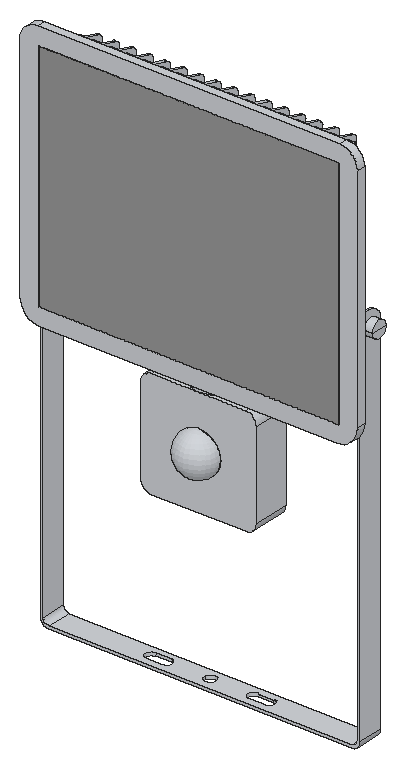
Revit family "START Flood Flat - 46W - PIR", category Lighting Fixtures, Revit 2017
Family settings
  Round Connector Dimension = Use Diameter
  Part Type = Normal
  OmniClass Number = 23.80.70.00
  OmniClass Title = Lighting
  Work Plane-Based = No
  Always vertical = Yes
  Cut with Voids When Loaded = No
  Light Source = Yes
  Shared = No
  Room Calculation Point = No
Parameters (values of type "0050141 ST FLD FLT IP54 PIR 4650LM 830 BK")
  Weight = "4.8 kg"
  Wattage = 46 W
  WarrantyStartDate [instance] = "n/a"
  WarrantyGuarantorParts = "n/a"
  WarrantyDurationUnit = "n/a"
  WarrantyDurationParts = "n/a"
  WarrantyDescription = "n/a"
  built-in parameter 1150110 = 1 (stored number, unit not read)
  Voltage = 0 V
  URL = "http://www.sylvania-lighting.com"
  TypeName = "Start Flood Flat IP54 PIR 4650LM 830 Black"
  built-in parameter 1114217 = 1 (stored number, unit not read)
  Tilt Angle = 0.00°
  built-in parameter 1150109 = 1 (stored number, unit not read)
  built-in parameter 1150134 = (empty or 0)
  built-in parameter 1150113 = 1 (stored number, unit not read)
  SerialNumber [instance] = "n/a"
  PowerFactor = 0.9
  PowerConsumption = "46 W"
  Photometric Web File = "0050141.ies"
  NominalWidth = 0 mm
  NominalLength = 235 mm
  NominalHeight = 58 mm
  Name = "Start Flood Flat IP54 PIR 4650LM 830 Black"
  ModelReference = "Start Flood Flat IP54 PIR 4650LM 830 Black"
  ModelNumber = "0050141"
  Model = "Start Flood Flat IP54 PIR 4650LM 830 Black"
  Material_4_FEILO = none
  Material_3_FEILO = none
  Material_2_FEILO = Default New Material
  Material_1_FEILO = none
  Material = "n/a"
  ManufacturerName = "Feilo Sylvania"
  Manufacturer = "Feilo Sylvania"
  LuminousEfficacy = "101 lm/W"
  Lumens = 4646 lm
  LuminaireType = ""
  built-in parameter 1150115 = 1 (stored number, unit not read)
  built-in parameter 1150105 = -7809833.1 (stored number, unit not read)
  LightOutputRatio = "n/a"
  built-in parameter 1150137 = (empty or 0)
  built-in parameter 1150139 = (empty or 0)
  LampsType = "LED"
  LampNominalLuminous = "4650 lm"
  LampMacAdamStep = "5"
  LampColourTemperature = "3000 K"
  LampColourRenderingIndex = "80"
  built-in parameter 1150112 = 1 (stored number, unit not read)
  built-in parameter 1150114 = 1 (stored number, unit not read)
  Lamp = "LED"
  LUM_WIDTH_SYL = 93.5 mm  # constant formula
  LUM_HEIGHT_SYL = 74.5 mm  # constant formula
  LUM_EXTR_ST_SYL = -5 mm
  LUM_EXTR_END_SYL = 0 mm
  LUM_DEPTH_SYL = 30 mm
  Keynote = "16500"
  InstallationDate [instance] = "n/a"
  InputVoltage = "n/a"
  InputNominalFrequency = "n/a"
  built-in parameter 1150132 = 2
  built-in parameter 1150102 = (empty or 0)
  built-in parameter 1150138 = (empty or 0)
  built-in parameter 1150107 = 3000 (stored number, unit not read)
  IngressProtection = "IP65"
  ImpactProtectionIndex = "IK06"
  built-in parameter 1150106 = -78098.3 (stored number, unit not read)
  IfcExportType = "IfcLightFixtureType"
  IfcExportAs = "IfcLightFixtureType"
  ElectricShockClassification = "Class I"
  built-in parameter 1150104 = 9.3832 (stored number, unit not read)
  DocumentationLiterature = "http://www.sylvania-lighting.com/product/en-int/products/0050141"
  DimmingControlOptions = "n/a"
  Dimming Lamp Color Temperature Shift = <None>
  DIF_WIDTH_SYL = 83 mm  # constant formula
  DIF_HEIGHT_SYL = 65 mm  # constant formula
  CreatedOn = "12/2/2020"
  CreatedBy = "@sylvania-lighting.com"
  Color Filter = 16777215
  ClassificationValue = "EF_70_80"
  ClassificationName = "Uniclass2015"
  CABLE_SIDE_DIST_SYL = 47 mm
  CABLE_LENGTH_SYL = 5 mm
  CABLE_FRONT_DIST_SYL = 17.5 mm
  CABLES_DIST_SYL = 93 mm
  BarCode [instance] = "n/a"
  built-in parameter 1114218 = 1 (stored number, unit not read)
  B_RAIL_R_DIST_SYL = 7 mm
  B_RAIL_HEIGHT_SYL = 27 mm
  B_RAIL_DEPTH_SYL = 44 mm
  B_RAIL_CHAMFER_SYL = 7 mm
  BRACKET_HOLDER_WIDTH_SYL = 12 mm
  BRACKET_HOLDER_HEIGHT_SYL = 17 mm
  BRACKET_HOLDER_DIST_SIDE_SYL = 2.8 mm
  BRACKET_HOLDER_DIST_BOTT_SYL = 48 mm
  BRACKET_HOLDER_DEPTH_SYL = 5.7 mm
  BOX_WIDTH_SYL = 76.5 mm
  BOX_TOP_DIST_SYL = 10.5 mm
  BOX_DEPTH_SYL = 14 mm
  BOX_BOTT_DIST_SYL = 28 mm
  BACK_RAIL_WIDTH_SYL = 1.4 mm
  BACK_RAIL_SIDE_DIST_SYL = 19 mm
  BACK_PL_EXTR_ST_SYL = -6 mm
  BACK_PL_EXTR_ST(-1)_SYL = BACK_PL_EXTR_ST_SYL * (-1)  # 6 mm
  BACK_PL_EXTR_END_SYL = -3 mm
  BACK_PL_EXTR_END(-1)_SYL = BACK_PL_EXTR_END_SYL * (-1)  # 3 mm
  built-in parameter 1150133 = 10 (stored number, unit not read)
  AssetType = "Fixed"
  AssetIdentifier [instance] = "n/a"
  Assembly Code = "D5020200"
  Apparent Load = 46 VA
  0_18W_SYL = yes
Types (4, lengths in mm): name | TypeName | built-in parameter 1150134 | Photometric Web File | Name | ModelReference | ModelNumber | Model | LuminousEfficacy | Lumens | built-in parameter 1150105 | LampNominalLuminous | LampColourTemperature | built-in parameter 1150107 | built-in parameter 1150106 | built-in parameter 1150104 | DocumentationLiterature
  0050144 ST FLD FLT IP54 PIR 5000LM 840 WH | "Start Flood Flat IP54 PIR 5000LM 840 White" | 12 | "0050144.ies" | "Start Flood Flat IP54 PIR 5000LM 840 White" | "Start Flood Flat IP54 PIR 5000LM 840 White" | "0050144" | "Start Flood Flat IP54 PIR 5000LM 840 White" | "109 lm/W" | 5014 lm | -9062805 (stored number, unit not read) | "5000 lm" | "4000 K" | 4000 (stored number, unit not read) | -90628.1 (stored number, unit not read) | 10.126 (stored number, unit not read) | "http://www.sylvania-lighting.com/product/en-int/products/0050144"
  0050143 ST FLD FLT IP54 PIR 4650LM 830 WH | "Start Flood Flat IP54 PIR 4650LM 830 White" | (empty or 0) | "0050143.ies" | "Start Flood Flat IP54 PIR 4650LM 830 White" | "Start Flood Flat IP54 PIR 4650LM 830 White" | "0050143" | "Start Flood Flat IP54 PIR 4650LM 830 White" | "101 lm/W" | 4646 lm | -7809833.1 (stored number, unit not read) | "4650 lm" | "3000 K" | 3000 (stored number, unit not read) | -78098.3 (stored number, unit not read) | 9.3832 (stored number, unit not read) | "http://www.sylvania-lighting.com/product/en-int/products/0050143"
  0050142 ST FLD FLT IP54 PIR 5000LM 840 BK | "Start Flood Flat IP54 PIR 5000LM 840 Black" | 12 | "0050142.ies" | "Start Flood Flat IP54 PIR 5000LM 840 Black" | "Start Flood Flat IP54 PIR 5000LM 840 Black" | "0050142" | "Start Flood Flat IP54 PIR 5000LM 840 Black" | "109 lm/W" | 5014 lm | -9062805 (stored number, unit not read) | "5000 lm" | "4000 K" | 4000 (stored number, unit not read) | -90628.1 (stored number, unit not read) | 10.126 (stored number, unit not read) | "http://www.sylvania-lighting.com/product/en-int/products/0050142"
  0050141 ST FLD FLT IP54 PIR 4650LM 830 BK | "Start Flood Flat IP54 PIR 4650LM 830 Black" | (empty or 0) | "0050141.ies" | "Start Flood Flat IP54 PIR 4650LM 830 Black" | "Start Flood Flat IP54 PIR 4650LM 830 Black" | "0050141" | "Start Flood Flat IP54 PIR 4650LM 830 Black" | "101 lm/W" | 4646 lm | -7809833.1 (stored number, unit not read) | "4650 lm" | "3000 K" | 3000 (stored number, unit not read) | -78098.3 (stored number, unit not read) | 9.3832 (stored number, unit not read) | "http://www.sylvania-lighting.com/product/en-int/products/0050141"
Reference planes
  plane 1 "Light Source Axis (F/B)": y = 0
  plane 2: z = 0
  plane 3 "Light Source Axis (L/R)": x = 0
  plane 4 "Light Source Elevation": z = -0.469
  plane 5: x = 93.5
  plane 6: x = -93.5
  plane 7: z = 74.5
  plane 8: z = -74.5
  plane 9: x = 83
  plane 10: x = -83
  plane 11: z = 65
  plane 12: z = -65
  plane 13: y = 6
  plane 14: y = 3
  plane 15: x = -76.5
  plane 16: x = 76.5
  plane 17: y = 20
  plane 18: z = 64
  plane 19: z = -46.5
  plane 20: y = 30
  plane 21: z = -26.5
  plane 22: z = -14.5
  plane 23: y = 21
  plane 24: x = 54.2
  plane 25: x = 39.5
  plane 26: x = 46.5
  plane 27: x = -46.5
  plane 28: y = 14
  plane 29: z = -38
  plane 30: y = 27
  plane 31: z = -2.5
  plane 32: z = -9.5
  plane 33: x = 74.5
  plane 34: x = 73.1
  plane 35: x = 66.1
  plane 36: x = 20.8
  plane 37: x = 13.8
  plane 38: x = 12.4
  plane 39: x = 5.4
  plane 40: x = 4
  plane 41: z = -50.4
  plane 42: x = -71.3
  plane 43: x = -69.7
  plane 44: x = 87.1
  plane 45: x = 80.1
  plane 46: z = -76.1
Forms (mm)
  Extrusion 1, solid
    sketch origin (0, 0, 0) x (1, 0, 0) y (0, 0, 1)
      loop
        arc (-83.5, 74.5) -> (-90.571, 71.571) -> (-93.5, 64.5) r 10
        line (-93.5, 64.5) -> (-93.5, -63)
        arc (-93.5, -63) -> (-90.132, -71.132) -> (-82, -74.5) r 11.5
        line (-82, -74.5) -> (82, -74.5)
        arc (82, -74.5) -> (90.132, -71.132) -> (93.5, -63) r 11.5
        line (93.5, -63) -> (93.5, 64.5)
        arc (93.5, 64.5) -> (90.571, 71.571) -> (83.5, 74.5) r 10
        line (83.5, 74.5) -> (-83.5, 74.5)
      loop
        line (-83, 65) -> (-83, -65) -> (83, -65) -> (83, 65) -> (-83, 65)
    from -5 <- "LUM_EXTR_ST_SYL" to 0 <- "LUM_EXTR_END_SYL"
  Extrusion 2, solid, material "Default New Material" <- "Material_2_FEILO"
    sketch origin (0, 0, 0) x (1, 0, 0) y (0, 0, 1)
      loop
        line (-83, 65) -> (-83, -65) -> (83, -65) -> (83, 65) -> (-83, 65)
    from -3 <- "BACK_PL_EXTR_END_SYL" to 0 <- "LUM_EXTR_END_SYL"
  Extrusion 3, solid
    sketch origin (0, 0, 0) x (1, 0, 0) y (0, 0, 1)
      loop
        line (83, 65) -> (-83, 65) -> (-83, -65) -> (83, -65) -> (83, 65)
    from -6 <- "BACK_PL_EXTR_ST_SYL" to -3 <- "BACK_PL_EXTR_END_SYL"
  Extrusion 4, solid
    sketch origin (0, 0, 0) x (1, 0, 0) y (0, 1, 0)
      loop
        arc (-75.5, 20) -> (-76.207, 19.707) -> (-76.5, 19) r 1
        line (-76.5, 19) -> (-76.5, 6) -> (76.5, 6) -> (76.5, 19)
        arc (76.5, 19) -> (76.207, 19.707) -> (75.5, 20) r 1
        line (75.5, 20) -> (-75.5, 20)
    from -46.5 to 64
  Extrusion 5, solid
    sketch origin (0, 0, 0) x (1, 0, 0) y (0, 1, 0)
      loop
        arc (-66.5, 30) -> (-73.571, 27.071) -> (-76.5, 20) r 10
        line (-76.5, 20) -> (-76.5, 6) -> (76.5, 6) -> (76.5, 20)
        arc (76.5, 20) -> (73.571, 27.071) -> (66.5, 30) r 10
        line (66.5, 30) -> (-66.5, 30)
    from -65 to -46.5
  Extrusion 6, solid
    sketch origin (0, 0, 0) x (0, 1, 0) y (0, 0, 1)
      loop
        line (5, -14.5) -> (5, -26.5) -> (15, -26.5)
        arc (15, -26.5) -> (19.243, -24.743) -> (21, -20.5) r 6
        arc (21, -20.5) -> (19.243, -16.257) -> (15, -14.5) r 6
        line (15, -14.5) -> (5, -14.5)
      loop
        circle (15, -20.5) r 2.5
    from 80.1 to 87.1
  Extrusion 7, solid
    sketch origin (0, 0, 0) x (1, 0, 0) y (0, 1, 0)
      loop
        circle (-46.5, 14) r 7
      loop
        circle (46.5, 14) r 9
    from -59.1 to -76.1
  Extrusion 8, solid
    sketch origin (75.017, 5.639, -10.469) x (0, 1, 0) y (0, 0, 1)
      loop
        line (-0.625, -36.469) -> (21.299, -36.469) -> (21.299, 71.149)
        arc (21.299, 71.149) -> (20.908, 73.206) -> (19.238, 74.469) r 2.911
        line (19.238, 74.469) -> (-0.625, 80.168) -> (-0.625, 15.688) -> (-0.625, -36.469)
    from -146.317 to -144.717
  Extrusion 9, solid
    sketch origin (-75.017, 5.639, -10.469) x (0, 1, 0) y (0, 0, -1)
      loop
        line (-0.625, 36.469) -> (-0.625, -15.688) -> (-0.625, -80.168) -> (19.238, -74.469)
        arc (19.238, -74.469) -> (20.908, -73.206) -> (21.299, -71.149) r 2.911
        line (21.299, -71.149) -> (21.299, 36.469) -> (-0.625, 36.469)
    from -146.317 to -144.717
  Extrusion 10, solid
    sketch origin (216.017, 5.639, -10.469) x (0, 1, 0) y (0, 0, 1)
      loop
        line (-0.625, -36.469) -> (21.299, -36.469) -> (21.299, 71.149)
        arc (21.299, 71.149) -> (20.908, 73.206) -> (19.238, 74.469) r 2.911
        line (19.238, 74.469) -> (-0.625, 80.168) -> (-0.625, 15.688) -> (-0.625, -36.469)
    from -146.317 to -144.717
  Extrusion 11, solid
    sketch origin (84.417, 5.639, -10.469) x (0, 1, 0) y (0, 0, 1)
      loop
        line (-0.625, -36.469) -> (21.299, -36.469) -> (21.299, 71.149)
        arc (21.299, 71.149) -> (20.908, 73.206) -> (19.238, 74.469) r 2.911
        line (19.238, 74.469) -> (-0.625, 80.168) -> (-0.625, 15.688) -> (-0.625, -36.469)
    from -146.317 to -144.717
  Extrusion 12, solid
    sketch origin (93.817, 5.639, -10.469) x (0, 1, 0) y (0, 0, 1)
      loop
        line (-0.625, -36.469) -> (21.299, -36.469) -> (21.299, 71.149)
        arc (21.299, 71.149) -> (20.908, 73.206) -> (19.238, 74.469) r 2.911
        line (19.238, 74.469) -> (-0.625, 80.168) -> (-0.625, 15.688) -> (-0.625, -36.469)
    from -146.317 to -144.717
  Extrusion 13, solid
    sketch origin (103.217, 5.639, -10.469) x (0, 1, 0) y (0, 0, 1)
      loop
        line (-0.625, -36.469) -> (21.299, -36.469) -> (21.299, 71.149)
        arc (21.299, 71.149) -> (20.908, 73.206) -> (19.238, 74.469) r 2.911
        line (19.238, 74.469) -> (-0.625, 80.168) -> (-0.625, 15.688) -> (-0.625, -36.469)
    from -146.317 to -144.717
  Extrusion 14, solid
    sketch origin (112.617, 5.639, -10.469) x (0, 1, 0) y (0, 0, 1)
      loop
        line (-0.625, -36.469) -> (21.299, -36.469) -> (21.299, 71.149)
        arc (21.299, 71.149) -> (20.908, 73.206) -> (19.238, 74.469) r 2.911
        line (19.238, 74.469) -> (-0.625, 80.168) -> (-0.625, 15.688) -> (-0.625, -36.469)
    from -146.317 to -144.717
  Extrusion 15, solid
    sketch origin (122.017, 5.639, -10.469) x (0, 1, 0) y (0, 0, 1)
      loop
        line (-0.625, -36.469) -> (21.299, -36.469) -> (21.299, 71.149)
        arc (21.299, 71.149) -> (20.908, 73.206) -> (19.238, 74.469) r 2.911
        line (19.238, 74.469) -> (-0.625, 80.168) -> (-0.625, 15.688) -> (-0.625, -36.469)
    from -146.317 to -144.717
  Extrusion 16, solid
    sketch origin (131.417, 5.639, -10.469) x (0, 1, 0) y (0, 0, 1)
      loop
        line (-0.625, -36.469) -> (21.299, -36.469) -> (21.299, 71.149)
        arc (21.299, 71.149) -> (20.908, 73.206) -> (19.238, 74.469) r 2.911
        line (19.238, 74.469) -> (-0.625, 80.168) -> (-0.625, 15.688) -> (-0.625, -36.469)
    from -146.317 to -144.717
  Extrusion 17, solid
    sketch origin (140.817, 5.639, -10.469) x (0, 1, 0) y (0, 0, 1)
      loop
        line (-0.625, -36.469) -> (21.299, -36.469) -> (21.299, 71.149)
        arc (21.299, 71.149) -> (20.908, 73.206) -> (19.238, 74.469) r 2.911
        line (19.238, 74.469) -> (-0.625, 80.168) -> (-0.625, 15.688) -> (-0.625, -36.469)
    from -146.317 to -144.717
  Extrusion 18, solid
    sketch origin (150.217, 5.639, -10.469) x (0, 1, 0) y (0, 0, 1)
      loop
        line (-0.625, -36.469) -> (21.299, -36.469) -> (21.299, 71.149)
        arc (21.299, 71.149) -> (20.908, 73.206) -> (19.238, 74.469) r 2.911
        line (19.238, 74.469) -> (-0.625, 80.168) -> (-0.625, 15.688) -> (-0.625, -36.469)
    from -146.317 to -144.717
  Extrusion 19, solid
    sketch origin (159.617, 5.639, -10.469) x (0, 1, 0) y (0, 0, 1)
      loop
        line (-0.625, -36.469) -> (21.299, -36.469) -> (21.299, 71.149)
        arc (21.299, 71.149) -> (20.908, 73.206) -> (19.238, 74.469) r 2.911
        line (19.238, 74.469) -> (-0.625, 80.168) -> (-0.625, 15.688) -> (-0.625, -36.469)
    from -146.317 to -144.717
  Extrusion 20, solid
    sketch origin (169.017, 5.639, -10.469) x (0, 1, 0) y (0, 0, 1)
      loop
        line (-0.625, -36.469) -> (21.299, -36.469) -> (21.299, 71.149)
        arc (21.299, 71.149) -> (20.908, 73.206) -> (19.238, 74.469) r 2.911
        line (19.238, 74.469) -> (-0.625, 80.168) -> (-0.625, 15.688) -> (-0.625, -36.469)
    from -146.317 to -144.717
  Extrusion 21, solid
    sketch origin (178.417, 5.639, -10.469) x (0, 1, 0) y (0, 0, 1)
      loop
        line (-0.625, -36.469) -> (21.299, -36.469) -> (21.299, 71.149)
        arc (21.299, 71.149) -> (20.908, 73.206) -> (19.238, 74.469) r 2.911
        line (19.238, 74.469) -> (-0.625, 80.168) -> (-0.625, 15.688) -> (-0.625, -36.469)
    from -146.317 to -144.717
  Extrusion 22, solid
    sketch origin (187.817, 5.639, -10.469) x (0, 1, 0) y (0, 0, 1)
      loop
        line (-0.625, -36.469) -> (21.299, -36.469) -> (21.299, 71.149)
        arc (21.299, 71.149) -> (20.908, 73.206) -> (19.238, 74.469) r 2.911
        line (19.238, 74.469) -> (-0.625, 80.168) -> (-0.625, 15.688) -> (-0.625, -36.469)
    from -146.317 to -144.717
  Extrusion 23, solid
    sketch origin (197.217, 5.639, -10.469) x (0, 1, 0) y (0, 0, 1)
      loop
        line (-0.625, -36.469) -> (21.299, -36.469) -> (21.299, 71.149)
        arc (21.299, 71.149) -> (20.908, 73.206) -> (19.238, 74.469) r 2.911
        line (19.238, 74.469) -> (-0.625, 80.168) -> (-0.625, 15.688) -> (-0.625, -36.469)
    from -146.317 to -144.717
  Extrusion 24, solid
    sketch origin (206.617, 5.639, -10.469) x (0, 1, 0) y (0, 0, 1)
      loop
        line (-0.625, -36.469) -> (21.299, -36.469) -> (21.299, 71.149)
        arc (21.299, 71.149) -> (20.908, 73.206) -> (19.238, 74.469) r 2.911
        line (19.238, 74.469) -> (-0.625, 80.168) -> (-0.625, 15.688) -> (-0.625, -36.469)
    from -146.317 to -144.717
  Extrusion 25, solid
    sketch origin (0, 0, 0) x (0, 1, 0) y (0, 0, -1)
      loop
        line (5, 14.5) -> (15, 14.5)
        arc (15, 14.5) -> (19.243, 16.257) -> (21, 20.5) r 6
        arc (21, 20.5) -> (19.243, 24.743) -> (15, 26.5) r 6
        line (15, 26.5) -> (5, 26.5) -> (5, 14.5)
      loop
        circle (15, 20.5) r 2.5
    from 80.1 to 87.1
Cuts and joins
  joined: Extrusion 1, Extrusion 3, Extrusion 4, Extrusion 5
Dimensions and locks
  "LUM_WIDTH_SYL": plane 5 to plane 3 "Light Source Axis (L/R)" to plane 6
  "LUM_HEIGHT_SYL": plane 7 to plane 2 to plane 8
  "DIF_WIDTH_SYL": plane 9 to plane 3 "Light Source Axis (L/R)" to plane 10
  "DIF_HEIGHT_SYL": plane 11 to plane 2 to plane 12
  "BACK_PL_EXTR_ST(-1)_SYL": plane 1 "Light Source Axis (F/B)" to plane 13
  "BACK_PL_EXTR_END(-1)_SYL": plane 1 "Light Source Axis (F/B)" to plane 14
  "BOX_WIDTH_SYL": plane 15 to plane 3 "Light Source Axis (L/R)" to plane 16
  "BOX_DEPTH_SYL": plane 13 to plane 17
  "BOX_TOP_DIST_SYL": plane 18 to plane 7
  "BOX_BOTT_DIST_SYL": plane 8 to plane 19
  "LUM_DEPTH_SYL": plane 1 "Light Source Axis (F/B)" to plane 20
  "BRACKET_HOLDER_DIST_BOTT_SYL": plane 21 to plane 8
  "BRACKET_HOLDER_WIDTH_SYL": plane 22 to plane 21
  cut or joined group of Extrusion 1, Extrusion 3, Extrusion 4, Extrusion 5 to plane 23 = 15 mm
  cut or joined group of Extrusion 1, Extrusion 3, Extrusion 4, Extrusion 5 to plane 24 = 39.3 mm
  plane 25 to plane 24 = 14.7 mm
  "CABLES_DIST_SYL": plane 27 to plane 26
  "CABLE_SIDE_DIST_SYL": plane 26 to plane 5
  cut or joined group of Extrusion 1, Extrusion 3, Extrusion 4, Extrusion 5 to plane 28 = 14 mm
  "B_RAIL_HEIGHT_SYL": plane 30 to plane 1 "Light Source Axis (F/B)"
  "B_RAIL_DEPTH_SYL": plane 31 to plane 19
  "B_RAIL_CHAMFER_SYL": plane 31 to plane 32
  "BACK_RAIL_SIDE_DIST_SYL": plane 5 to plane 33
  "BACK_RAIL_WIDTH_SYL": plane 33 to plane 34
  "B_RAIL_R_DIST_SYL": plane 34 to plane 35
  "B_RAIL_R_DIST_SYL": plane 36 to plane 37
  "BACK_RAIL_WIDTH_SYL": plane 37 to plane 38
  "BACK_RAIL_WIDTH_SYL": plane 39 to plane 40
  "B_RAIL_R_DIST_SYL": plane 38 to plane 39
  plane 35 to plane 26 = 19.6 mm
  equal spacing: group 1, group 3, group 4, group 5, group 6, group 7, group 8, group 9, group 10, group 11, group 12, group 13, group 14, group 15, group 16, group 2  (x3)
  aligned and locked: plane 4 "Light Source Elevation" to imposter light
  aligned and locked: level to plane 2
  aligned and locked: Extrusion 1 sketch curve to plane 7
  aligned and locked: plane 6 to Extrusion 1 sketch curve
  aligned and locked: plane 8 to Extrusion 1 sketch curve
  aligned and locked: Extrusion 1 sketch curve to plane 5
  aligned and locked: Extrusion 1 sketch curve to plane 11
  aligned and locked: plane 10 to Extrusion 1 sketch curve
  aligned and locked: plane 12 to Extrusion 1 sketch curve
  aligned and locked: Extrusion 1 sketch curve to plane 9
  aligned and locked: Extrusion 2 sketch curve to Extrusion 1  (x4)
  aligned and locked: Extrusion 3 sketch curve to Extrusion 1  (x4)
  aligned and locked: Extrusion 3 to Extrusion 2
  aligned and locked: plane 17 to Extrusion 4 sketch curve
  aligned and locked: plane 15 to Extrusion 4 sketch curve
  aligned and locked: Extrusion 4 sketch curve to plane 13
  aligned and locked: Extrusion 4 sketch curve to plane 16
  aligned and locked: plane 18 to Extrusion 4
  aligned and locked: Extrusion 4 to plane 19
  aligned and locked: plane 20 to Extrusion 5 sketch curve
  aligned and locked: plane 15 to Extrusion 5 sketch curve
  aligned and locked: cut or joined group of Extrusion 1, Extrusion 3, Extrusion 4, Extrusion 5 to Extrusion 5 sketch curve
  aligned and locked: Extrusion 5 sketch curve to cut or joined group of Extrusion 1, Extrusion 3, Extrusion 4, Extrusion 5
  aligned and locked: plane 19 to Extrusion 5
  aligned and locked: Extrusion 5 to plane 12
  aligned and locked: Extrusion 6 sketch curve to plane 22
  aligned and locked: plane 21 to Extrusion 6 sketch curve
  aligned and locked: Extrusion 6 to cut or joined group of Extrusion 1, Extrusion 3, Extrusion 4, Extrusion 5
  aligned and locked: Extrusion 8 to plane 42
  aligned and locked: Extrusion 8 to plane 43
  aligned and locked: Extrusion 6 to plane 44
  aligned and locked: plane 45 to Extrusion 6
  aligned and locked: Extrusion 7 to plane 46
Automatic sketch dimensions
  Extrusion 8 sketch curve to Extrusion 8 sketch curve = 19.06 mm
  Extrusion 8 sketch curve to Extrusion 8 sketch curve = 0.803 mm
  Extrusion 8 sketch curve to Extrusion 8 sketch curve = 21.924 mm
  Extrusion 8 sketch curve to Extrusion 8 sketch curve = 52.156 mm
  Extrusion 8 sketch curve to Extrusion 8 sketch curve = 55.461 mm
  Extrusion 8 sketch curve to Extrusion 8 sketch curve = 0.521 mm
  Extrusion 10 sketch curve to Extrusion 10 sketch curve = 19.06 mm
  Extrusion 10 sketch curve to Extrusion 10 sketch curve = 0.803 mm
  Extrusion 10 sketch curve to Extrusion 10 sketch curve = 21.924 mm
  Extrusion 10 sketch curve to Extrusion 10 sketch curve = 52.156 mm
  Extrusion 10 sketch curve to Extrusion 10 sketch curve = 55.461 mm
  Extrusion 10 sketch curve to Extrusion 10 sketch curve = 0.521 mm
  Extrusion 11 sketch curve to Extrusion 11 sketch curve = 19.06 mm
  Extrusion 11 sketch curve to Extrusion 11 sketch curve = 0.803 mm
  Extrusion 11 sketch curve to Extrusion 11 sketch curve = 21.924 mm
  Extrusion 11 sketch curve to Extrusion 11 sketch curve = 52.156 mm
  Extrusion 11 sketch curve to Extrusion 11 sketch curve = 55.461 mm
  Extrusion 11 sketch curve to Extrusion 11 sketch curve = 0.521 mm
  Extrusion 12 sketch curve to Extrusion 12 sketch curve = 19.06 mm
  Extrusion 12 sketch curve to Extrusion 12 sketch curve = 0.803 mm
  Extrusion 12 sketch curve to Extrusion 12 sketch curve = 21.924 mm
  Extrusion 12 sketch curve to Extrusion 12 sketch curve = 52.156 mm
  Extrusion 12 sketch curve to Extrusion 12 sketch curve = 55.461 mm
  Extrusion 12 sketch curve to Extrusion 12 sketch curve = 0.521 mm
  Extrusion 13 sketch curve to Extrusion 13 sketch curve = 19.06 mm
  Extrusion 13 sketch curve to Extrusion 13 sketch curve = 0.803 mm
  Extrusion 13 sketch curve to Extrusion 13 sketch curve = 21.924 mm
  Extrusion 13 sketch curve to Extrusion 13 sketch curve = 52.156 mm
  Extrusion 13 sketch curve to Extrusion 13 sketch curve = 55.461 mm
  Extrusion 13 sketch curve to Extrusion 13 sketch curve = 0.521 mm
  Extrusion 14 sketch curve to Extrusion 14 sketch curve = 19.06 mm
  Extrusion 14 sketch curve to Extrusion 14 sketch curve = 0.803 mm
  Extrusion 14 sketch curve to Extrusion 14 sketch curve = 21.924 mm
  Extrusion 14 sketch curve to Extrusion 14 sketch curve = 52.156 mm
  Extrusion 14 sketch curve to Extrusion 14 sketch curve = 55.461 mm
  Extrusion 14 sketch curve to Extrusion 14 sketch curve = 0.521 mm
  Extrusion 15 sketch curve to Extrusion 15 sketch curve = 19.06 mm
  Extrusion 15 sketch curve to Extrusion 15 sketch curve = 0.803 mm
  Extrusion 15 sketch curve to Extrusion 15 sketch curve = 21.924 mm
  Extrusion 15 sketch curve to Extrusion 15 sketch curve = 52.156 mm
  Extrusion 15 sketch curve to Extrusion 15 sketch curve = 55.461 mm
  Extrusion 15 sketch curve to Extrusion 15 sketch curve = 0.521 mm
  Extrusion 16 sketch curve to Extrusion 16 sketch curve = 19.06 mm
  Extrusion 16 sketch curve to Extrusion 16 sketch curve = 0.803 mm
  Extrusion 16 sketch curve to Extrusion 16 sketch curve = 21.924 mm
  Extrusion 16 sketch curve to Extrusion 16 sketch curve = 52.156 mm
  Extrusion 16 sketch curve to Extrusion 16 sketch curve = 55.461 mm
  Extrusion 16 sketch curve to Extrusion 16 sketch curve = 0.521 mm
  Extrusion 17 sketch curve to Extrusion 17 sketch curve = 19.06 mm
  Extrusion 17 sketch curve to Extrusion 17 sketch curve = 0.803 mm
  Extrusion 17 sketch curve to Extrusion 17 sketch curve = 21.924 mm
  Extrusion 17 sketch curve to Extrusion 17 sketch curve = 52.156 mm
  Extrusion 17 sketch curve to Extrusion 17 sketch curve = 55.461 mm
  Extrusion 17 sketch curve to Extrusion 17 sketch curve = 0.521 mm
  Extrusion 18 sketch curve to Extrusion 18 sketch curve = 19.06 mm
  Extrusion 18 sketch curve to Extrusion 18 sketch curve = 0.803 mm
  Extrusion 18 sketch curve to Extrusion 18 sketch curve = 21.924 mm
  Extrusion 18 sketch curve to Extrusion 18 sketch curve = 52.156 mm
  Extrusion 18 sketch curve to Extrusion 18 sketch curve = 55.461 mm
  Extrusion 18 sketch curve to Extrusion 18 sketch curve = 0.521 mm
  Extrusion 19 sketch curve to Extrusion 19 sketch curve = 19.06 mm
  Extrusion 19 sketch curve to Extrusion 19 sketch curve = 0.803 mm
  Extrusion 19 sketch curve to Extrusion 19 sketch curve = 21.924 mm
  Extrusion 19 sketch curve to Extrusion 19 sketch curve = 52.156 mm
  Extrusion 19 sketch curve to Extrusion 19 sketch curve = 55.461 mm
  Extrusion 19 sketch curve to Extrusion 19 sketch curve = 0.521 mm
  Extrusion 20 sketch curve to Extrusion 20 sketch curve = 19.06 mm
  Extrusion 20 sketch curve to Extrusion 20 sketch curve = 0.803 mm
  Extrusion 20 sketch curve to Extrusion 20 sketch curve = 21.924 mm
  Extrusion 20 sketch curve to Extrusion 20 sketch curve = 52.156 mm
  Extrusion 20 sketch curve to Extrusion 20 sketch curve = 55.461 mm
  Extrusion 20 sketch curve to Extrusion 20 sketch curve = 0.521 mm
  Extrusion 21 sketch curve to Extrusion 21 sketch curve = 19.06 mm
  Extrusion 21 sketch curve to Extrusion 21 sketch curve = 0.803 mm
  Extrusion 21 sketch curve to Extrusion 21 sketch curve = 21.924 mm
  Extrusion 21 sketch curve to Extrusion 21 sketch curve = 52.156 mm
  Extrusion 21 sketch curve to Extrusion 21 sketch curve = 55.461 mm
  Extrusion 21 sketch curve to Extrusion 21 sketch curve = 0.521 mm
  Extrusion 22 sketch curve to Extrusion 22 sketch curve = 19.06 mm
  Extrusion 22 sketch curve to Extrusion 22 sketch curve = 0.803 mm
  Extrusion 22 sketch curve to Extrusion 22 sketch curve = 21.924 mm
  Extrusion 22 sketch curve to Extrusion 22 sketch curve = 52.156 mm
  Extrusion 22 sketch curve to Extrusion 22 sketch curve = 55.461 mm
  Extrusion 22 sketch curve to Extrusion 22 sketch curve = 0.521 mm
  Extrusion 23 sketch curve to Extrusion 23 sketch curve = 19.06 mm
  Extrusion 23 sketch curve to Extrusion 23 sketch curve = 0.803 mm
  Extrusion 23 sketch curve to Extrusion 23 sketch curve = 21.924 mm
  Extrusion 23 sketch curve to Extrusion 23 sketch curve = 52.156 mm
  Extrusion 23 sketch curve to Extrusion 23 sketch curve = 55.461 mm
  Extrusion 23 sketch curve to Extrusion 23 sketch curve = 0.521 mm
  Extrusion 24 sketch curve to Extrusion 24 sketch curve = 19.06 mm
  Extrusion 24 sketch curve to Extrusion 24 sketch curve = 0.803 mm
  Extrusion 24 sketch curve to Extrusion 24 sketch curve = 21.924 mm
  Extrusion 24 sketch curve to Extrusion 24 sketch curve = 52.156 mm
  Extrusion 24 sketch curve to Extrusion 24 sketch curve = 55.461 mm
  Extrusion 24 sketch curve to Extrusion 24 sketch curve = 0.521 mm
  Extrusion 1 sketch curve to plane 10 = 0.5 mm
  plane 10 to Extrusion 1 sketch curve = 1 mm
  Extrusion 1 sketch curve to plane 9 = 1 mm
  plane 9 to Extrusion 1 sketch curve = 0.5 mm
  plane 15 to Extrusion 4 sketch curve = 1 mm
  Extrusion 4 sketch curve to plane 16 = 1 mm
  Extrusion 5 sketch curve to plane 15 = 0 mm
  plane 17 to Extrusion 5 sketch curve = 0 mm  (x2)
  Extrusion 6 sketch curve to Extrusion 6 sketch curve = 0 mm  (x5)
  Extrusion 6 sketch curve to plane 23 = 0 mm
  plane 13 to Extrusion 6 sketch curve = 1 mm
  Extrusion 7 sketch curve to plane 27 = 0 mm
  Extrusion 7 sketch curve to plane 26 = 0 mm
  Extrusion 7 sketch curve to plane 28 = 0 mm  (x2)
  Extrusion 9 sketch curve to plane 18 = 0 mm
  Extrusion 9 sketch curve to plane 19 = 0.438 mm
  plane 13 to Extrusion 9 sketch curve = 0.986 mm
  plane 30 to Extrusion 9 sketch curve = 2.927 mm
  plane 30 to Extrusion 9 sketch curve = 2.124 mm
  plane 30 to Extrusion 9 sketch curve = 0.062 mm
  Extrusion 9 sketch curve to plane 7 = 4.801 mm
  level to Extrusion 9 sketch curve = 5.219 mm
  Extrusion 25 sketch curve to Extrusion 25 sketch curve = 0 mm  (x6)
  Extrusion 25 sketch curve to plane 21 = 0 mm
  Extrusion 25 sketch curve to plane 22 = 0 mm
  Extrusion 25 sketch curve to plane 23 = 0 mm
  plane 13 to Extrusion 25 sketch curve = 1 mm
  radius of Extrusion 6 sketch curve = 2.5 mm
  radius of Extrusion 7 sketch curve = 7 mm
  radius of Extrusion 7 sketch curve = 9 mm
  radius of Extrusion 25 sketch curve = 2.5 mm
Nested families
  nested 1: "START Flood Flat - 45W_bracket - PIR" at (0, 15, -191.041), type "START Flood Flat - 45W_bracket - PIR"
  nested 2: "bolt" at (88.6, 15, -20.541), type "bolt"
  nested 3: "bolt" at (-88.6, 15, -20.541) x (-1, 0, 0) z (0, 0, 1), type "bolt"
  nested 4: "PIR" at (0, 6.989, -111.015) x (-1, 0, 0) z (0, 0, 1), type "PIR"
Definition of nested family "START Flood Flat - 45W_bracket - PIR"
  Parameters (values of type "START Flood Flat - 45W_bracket - PIR")
    WIDTH_SYL = 177.2 mm
    THICKNESS_SYL = 1.5 mm
    Material_4_SYL = none
    Material_3_SYL = none
    Material_2_SYL = none
    Material_1_SYL = none
    HOLE_DIST_SYL = 8.5 mm
    HOLE2_DIST_SYL = 8 mm
    HEIGHT_SYL = 216 mm
    HALF_SYL = WIDTH_SYL / 2  # 88.6 mm
    FILLET_SYL = 7 mm
    DEPTH_2_SYL = -7 mm
    DEPTH_1_SYL = 7 mm
    CUTOUT_DIST_SYL = 24.2 mm
  Reference planes
    plane 1 "Center (Front/Back)": y = 0
    plane 2: z = 0
    plane 3 "Center (Left/Right)": x = 0
    plane 4: x = -88.6
    plane 5: x = 88.6
    plane 6: z = -37.5
    plane 7: z = 178.5
    plane 8: x = -87.1
    plane 9: z = -36
    plane 10: x = 87.1
    plane 11: z = 170.5
    plane 12: z = 171.5
    plane 13: x = 24.2
    plane 14: x = -24.2
    plane 15: x = 32.7
    plane 16: x = -32.7
  Forms (mm)
    Extrusion 1, solid
      sketch origin (0, 0, 0) x (1, 0, 0) y (0, 0, 1)
        loop
          arc (-88.6, -33) -> (-87.282, -36.182) -> (-84.1, -37.5) r 4.5
          line (-84.1, -37.5) -> (84.1, -37.5)
          arc (84.1, -37.5) -> (87.282, -36.182) -> (88.6, -33) r 4.5
          line (88.6, -33) -> (88.6, 178.5) -> (87.1, 178.5) -> (87.1, -33)
          arc (87.1, -33) -> (86.221, -35.121) -> (84.1, -36) r 3
          line (84.1, -36) -> (-84.1, -36)
          arc (-84.1, -36) -> (-86.221, -35.121) -> (-87.1, -33) r 3
          line (-87.1, -33) -> (-87.1, 178.5) -> (-88.6, 178.5) -> (-88.6, -33)
      from -7 <- "DEPTH_2_SYL" to 7 <- "DEPTH_1_SYL"
    Extrusion 2, void
      sketch origin (0, 0, 0) x (0, 1, 0) y (0, 0, 1)
        loop
          circle (0, 170.5) r 3.15
      from -88.6 to 88.6
    Extrusion 3, void
      sketch origin (0, 0, 0) x (0, 1, 0) y (0, 0, 1)
        loop
          line (7, 171.5) -> (14.83, 184.08) -> (-15.17, 184.08) -> (-7, 171.5)
          arc (-7, 171.5) -> (-4.95, 176.45) -> (0, 178.5) r 7
          arc (0, 178.5) -> (4.95, 176.45) -> (7, 171.5) r 7
      from -88.6 to 88.6
    Extrusion 4, void
      sketch origin (0, 0, 0) x (1, 0, 0) y (0, 1, 0)
        loop
          circle (0, 0) r 3.25
        loop
          arc (-32.7, 3.25) -> (-35.95, 0) -> (-32.7, -3.25) r 3.25
          line (-32.7, -3.25) -> (-24.2, -3.25)
          arc (-24.2, -3.25) -> (-20.95, 0) -> (-24.2, 3.25) r 3.25
          line (-24.2, 3.25) -> (-32.7, 3.25)
        loop
          line (24.2, -3.25) -> (32.7, -3.25)
          arc (32.7, -3.25) -> (35.95, 0) -> (32.7, 3.25) r 3.25
          line (32.7, 3.25) -> (24.2, 3.25)
          arc (24.2, 3.25) -> (20.95, 0) -> (24.2, -3.25) r 3.25
      from -54.767 to -28.006
  Cuts and joins
    Extrusion 2, Extrusion 3, Extrusion 4 cuts Extrusion 1
  Dimensions and locks
    "THICKNESS_SYL": plane 8 to plane 4
    "THICKNESS_SYL": plane 5 to plane 10
    "WIDTH_SYL": plane 5 to plane 4
    "HEIGHT_SYL": plane 7 to plane 6
    "FILLET_SYL": plane 7 to plane 12
    "CUTOUT_DIST_SYL": plane 14 to plane 3 "Center (Left/Right)" to plane 13
    "HOLE_DIST_SYL": plane 16 to plane 14
    "HOLE_DIST_SYL": plane 13 to plane 15
    "HOLE2_DIST_SYL": plane 7 to plane 11
    "HALF_SYL": plane 4 to plane 3 "Center (Left/Right)"
    aligned and locked: level to plane 2
    aligned and locked: plane 4 to Extrusion 1 sketch curve
    aligned and locked: plane 6 to Extrusion 1 sketch curve
    aligned and locked: Extrusion 1 sketch curve to plane 5
    aligned and locked: plane 8 to Extrusion 1 sketch curve
    aligned and locked: plane 9 to Extrusion 1 sketch curve
    aligned and locked: Extrusion 1 sketch curve to plane 10
    aligned and locked: plane 7 to Extrusion 1 sketch curve  (x2)
    aligned and locked: Extrusion 1 to Extrusion 2  (x2)
    aligned and locked: Extrusion 1 to Extrusion 3
    aligned and locked: Extrusion 3 to Extrusion 1
  Automatic sketch dimensions
    Extrusion 1 sketch curve to Extrusion 1 sketch curve = 0 mm
    plane 8 to Extrusion 1 sketch curve = 3 mm
    Extrusion 1 sketch curve to plane 10 = 3 mm
    Extrusion 1 sketch curve to Extrusion 1 sketch curve = 3 mm
    Extrusion 2 sketch curve to plane 1 "Center (Front/Back)" = 0 mm
    Extrusion 2 sketch curve to plane 11 = 0 mm
    Extrusion 3 sketch curve to Extrusion 3 sketch curve = 0 mm
    Extrusion 3 sketch curve to plane 12 = 0 mm
    Extrusion 3 sketch curve to plane 1 "Center (Front/Back)" = 0 mm
    Extrusion 3 sketch curve to plane 7 = 0 mm
    Extrusion 3 sketch curve to Extrusion 3 sketch curve = 8.17 mm
    plane 7 to Extrusion 3 sketch curve = 5.58 mm
    Extrusion 3 sketch curve to Extrusion 3 sketch curve = 7.83 mm
    plane 1 "Center (Front/Back)" to Extrusion 4 sketch curve = 0 mm  (x3)
    Extrusion 4 sketch curve to plane 16 = 0 mm
    Extrusion 4 sketch curve to plane 14 = 0 mm
    Extrusion 4 sketch curve to plane 3 "Center (Left/Right)" = 0 mm
    Extrusion 4 sketch curve to plane 13 = 0 mm
    Extrusion 4 sketch curve to plane 15 = 0 mm
    plane 1 "Center (Front/Back)" to Extrusion 4 sketch curve = 3.25 mm  (x2)
    radius of Extrusion 2 sketch curve = 3.15 mm
    radius of Extrusion 4 sketch curve = 3.25 mm
Definition of nested family "bolt"
  Parameters (values of type "bolt")
    Material_4_SYL = none
    Material_3_SYL = none
    Material_2_SYL = none
    Material_1_SYL = none
  Reference planes
    plane 1 "Center (Front/Back)": y = 0
    plane 2: z = 0
    plane 3 "Center (Left/Right)": x = 0
    plane 4: x = 5
    plane 5: x = -10
    plane 6: y = 2.5
    plane 7: y = -2.5
    plane 8: y = 4.5
    plane 9: y = -4.5
  Forms (mm)
    Revolve 1, solid
      sketch origin (0, 0, 0) x (1, 0, 0) y (0, 1, 0)
        loop
          line (5, 0) -> (-10, 0) -> (-10, -2.5) -> (0, -2.5) -> (0, -4.5) -> (5, -4.5) -> (5, 0)
        axis (5, 0) -> (-10, 0)
      angle from 0 to 360
  Dimensions and locks
    aligned and locked: level to plane 2
Definition of nested family "PIR"
  Parameters (values of type "PIR")
    Material_4_SYL = none
    Material_3_SYL = none
    Material_2_SYL = none
    Material_1_SYL = none
  Reference planes
    plane 1 "Center (Front/Back)": y = 0
    plane 2: z = 0
    plane 3 "Center (Left/Right)": x = 0
    plane 4: z = -30
    plane 5: z = 30
    plane 6: x = 32
    plane 7: x = -32
    plane 8: x = 12
    plane 9: z = 12
    plane 10: z = -12
    plane 11: z = 46
    plane 12: x = 10
    plane 13: y = -10
  Forms (mm)
    Extrusion 1, solid
      sketch origin (0, 0, 0) x (1, 0, 0) y (0, 0, 1)
        loop
          arc (-26, 30) -> (-30.243, 28.243) -> (-32, 24) r 6
          line (-32, 24) -> (-32, -24)
          arc (-32, -24) -> (-30.243, -28.243) -> (-26, -30) r 6
          line (-26, -30) -> (26, -30)
          arc (26, -30) -> (30.243, -28.243) -> (32, -24) r 6
          line (32, -24) -> (32, 24)
          arc (32, 24) -> (30.243, 28.243) -> (26, 30) r 6
          line (26, 30) -> (-26, 30)
      from 0 to 20
    Revolve 2, solid
      sketch origin (0, 0, 0) x (1, 0, 0) y (0, 0, 1)
        loop
          line (0, 12) -> (0, -12)
          arc (0, -12) -> (12, 0) -> (0, 12) r 12
        axis (0, 12) -> (0, -12)
      angle from 0 to 360
    Extrusion 3, solid
      sketch origin (0, 0, 0) x (1, 0, 0) y (0, 1, 0)
        loop
          circle (0, -10) r 10
      from 30 to 46
  Dimensions and locks
    aligned and locked: level to plane 2
    aligned and locked: Extrusion 1 sketch curve to plane 5
    aligned and locked: plane 7 to Extrusion 1 sketch curve
    aligned and locked: plane 4 to Extrusion 1 sketch curve
    aligned and locked: Extrusion 1 sketch curve to plane 6
    aligned and locked: plane 3 "Center (Left/Right)" to Revolve 2 sketch curve
    aligned and locked: plane 10 to Revolve 2 sketch curve
    aligned and locked: Revolve 2 sketch curve to plane 3 "Center (Left/Right)"
    aligned and locked: plane 11 to Extrusion 3
    aligned and locked: Extrusion 3 to plane 5
